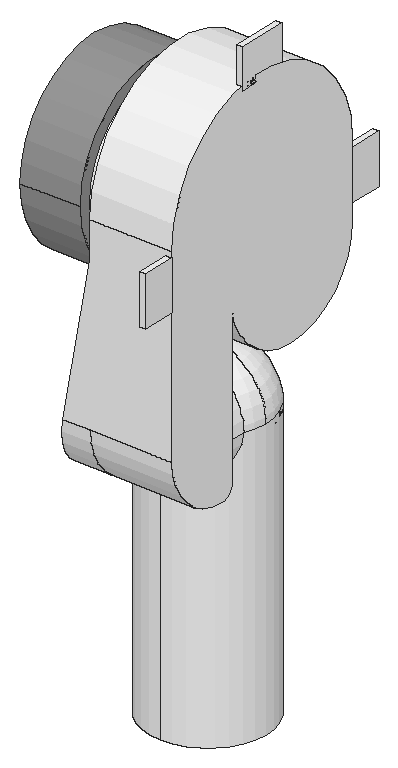
Revit family "HL_Сифон для писсуаров_HL430", category Příslušenství trubek, Revit 2016
Family settings
  Typ součásti = Normální
  Kóta kulaté spojky = Použít průměr
  Číslo OmniClass = 23.70.50.00
  Nadpis OmniClass = Liquid Waste Handling Services
  Založené na pracovní rovině = Ne
  Vždy vertikální = Ano
  Ořezat dutým tvarem při načtení = Ne
  Sdílené = Ne
Parameters (values of type "HL430_50")
  РАЗМЕР = "DN50"
  ПРОПУСКНАЯ СПОСОБНОСТЬ = 0.0 m³/h
  ПРОИЗВОДИТЕЛЬНОСТЬ = "0,7l/s, Spülwasservolumen 1,0l"
  ПРАВОВАЯ ИНФОРМАЦИЯ = "\"Авторские права(©), права на дизайн или какие либо другие права интелектуальной собственности являются исключительной собственностью компании HL Hutterer & Lechner. Изменению не подлежит. Файл семейства с данными о прозводителе изделия защищен паролем с водяным знаком.\""
  НОРМЫ = "DIN1380, DIN19541"
  НОМИНАЛЬНЫЙ ДИАМЕТР = 50 mm
  МАТЕРИАЛ = "PP"
  ВЕС = "0,185 kg"
  x [instance] = if(Угол установки выходной < Угол установки выходной минимум, -10 mm, if(Угол установки выходной > Угол установки выходной максимум, -10 mm, 25.5 mm))  # 25.5 mm
  n = 25 mm
  d [instance] = 118.7 mm
  c [instance] = 118.4 mm
  b = 110.2 mm
  a [instance] = if(Угол установки выходной = 0.00°, d, c)  # 118.4 mm
  Výrobce = "HL Hutterer & Lechner GmbH"
  URL = "http://www.hutterer-lechner.com/ru/products/catalog/roof-drains/HL430/50.aspx"
  Угол установки выходной минимум [instance] = 0.00°
  Угол установки выходной максимум [instance] = 90.00°
  Угол установки выходной [instance] = 90.00°
  Description = "Сифон для писсуаров DN50"
  Model = "HL430/50"
  материал 2 = Plactic - Black
  материал = Plactic - White
  Type Comments = "Сифон для писсуаров DN50"
  Keynote = "HL430/50"
  EAN = "9003076314300"
  Cena = 0
Types (3, lengths in mm): name | РАЗМЕР | НОМИНАЛЬНЫЙ ДИАМЕТР | ВЕС | n | d | c | b | a | URL | Description | Model | Type Comments | Keynote | EAN
  (no name) | "DN50" | 50 | "0,185 kg" | 25 | 118.7 | 118.4 | 110.2 | 118.4 | "http://www.hutterer-lechner.com/ru/products/catalog/roof-drains/HL430/50.aspx" | "Сифон для писсуаров DN50" | "HL430/50" | "Сифон для писсуаров DN50" | "HL430/50" | "9003076314300"
  HL430_40 | "DN40" | 40 | "0,18 kg" | 20 | 121.7 | 120.4 | 104.4 | 120.4 | "http://www.hutterer-lechner.com/ru/products/catalog/roof-drains/HL430/40.aspx" | "Сифон для писсуаров DN40" | "HL430/40" | "Сифон для писсуаров DN40" | "HL430/40" | "9003076304301"
  HL430_50 | "DN50" | 50 | "0,185 kg" | 25 | 118.7 | 118.4 | 110.2 | 118.4 | "http://www.hutterer-lechner.com/ru/products/catalog/roof-drains/HL430/50.aspx" | "Сифон для писсуаров DN50" | "HL430/50" | "Сифон для писсуаров DN50" | "HL430/50" | "9003076314300"
Reference planes
  plane 1 "Střed (vpředu/vzadu)": y = 0
  plane 2: z = 0
  plane 3 "Střed (vlevo/vpravo)": x = 0
  plane 4: x = -26.7
  plane 5: z = -85
  plane 6: x = -73
  plane 7: x = -47.5
  plane 8: x = -35
Forms (mm)
  Revolve 1, solid, material "Plactic - White" <- "материал", detail levels fine
    sketch origin (0, 0, 28.471) x (1, 0, 0) y (0, 0, 1)
      loop
        line (-26.7, -113.471) -> (-26.7, -88.671)
        arc (-26.7, -88.671) -> (-51.7, -113.671) -> (-26.7, -138.671) r 25
        line (-26.7, -138.671) -> (-26.7, -113.471)
      axis (-26.7, -138.671) -> (-26.7, -88.671)
    angle from 0 to 360
  Extrusion 2, solid, material "Plactic - Black" <- "материал 2", detail levels fine
    sketch origin (-73, 0, 1200) x (0, -1, 0) y (0, 0, 1)
      loop
        circle (1.875, -1200) r 40
      loop
        circle (1.875, -1200) r 25
    from 0 to -25.792
  Extrusion 3, solid, material "Plactic - White" <- "материал", detail levels fine
    sketch origin (-47.5, 0, 1200) x (0, -1, 0) y (0, 0, 1)
      loop
        circle (2.5, -1200) r 35
    from 0 to -12.5
  Extrusion 4, solid, material "Plactic - White" <- "материал", detail levels fine
    sketch origin (-35, 0, 1200) x (0, -1, 0) y (0, 0, 1)
      loop
        arc (52.386, -1195.821) -> (4.391, -1147.826) -> (-43.604, -1195.821) r 47.995
        line (-43.604, -1195.821) -> (-43.604, -1226.016)
        arc (-43.604, -1226.016) -> (-14.29, -1258.271) -> (20.613, -1232.165) r 32.403
        line (20.613, -1232.165) -> (20.613, -1298.296)
        arc (20.613, -1298.296) -> (22.011, -1301.671) -> (25.386, -1303.069) r 4.774
        arc (25.386, -1303.069) -> (44.478, -1295.161) -> (52.386, -1276.069) r 27
        line (52.386, -1276.069) -> (52.386, -1195.821)
    from 0 to -35
  Extrusion 5, solid, material "Plactic - White" <- "материал", detail levels fine
    sketch origin (-35, 0, 1200) x (0, -1, 0) y (0, 0, 1)
      loop
        arc (25.386, -1303.069) -> (44.478, -1295.161) -> (52.386, -1276.069) r 27
        line (52.386, -1276.069) -> (52.386, -1211.742) -> (20.613, -1211.742) -> (20.613, -1298.296)
        arc (20.613, -1298.296) -> (22.011, -1301.671) -> (25.386, -1303.069) r 4.774
    from 0 to 17.31
  Extrusion 6, void
    sketch origin (0, 0, 0) x (1, 0, 0) y (0, 0, 1)
      loop
        line (-35, -11.742) -> (-35, -4.919) -> (-55.838, -4.919) -> (-55.838, -129.919) -> (-35, -11.742)
    from 0 to 100
  Extrusion 7, solid, material "Plactic - White" <- "материал", detail levels fine
    sketch origin (0, 0, 0) x (0, 1, 0) y (0, 0, 1)
      loop
        line (-52.386, -19.178) -> (-52.386, 1.822) -> (-66.391, 1.822) -> (-66.391, -19.178) -> (-52.386, -19.178)
      loop
        line (57.609, -19.178) -> (57.609, 1.822) -> (43.604, 1.822) -> (43.604, -19.178) -> (57.609, -19.178)
      loop
        line (6.109, 65.822) -> (-14.891, 65.822) -> (-14.891, 49.182) -> (6.109, 49.182) -> (6.109, 65.822)
    from 0 to -2.5
  Extrusion 8, solid, material "Plactic - White" <- "материал", detail levels fine
    sketch origin (0, 0, 0) x (1, 0, 0) y (0, 0, 1)
      loop
        circle (-26.7, -85) r 23
    from 0 to 20.613
  Sweep 9, solid, material "Plactic - White" <- "материал", detail levels fine
    path origin (-26.7, 0, -85) x (0, 0, -1) y (1, 0, 0)
      loop
        line (0, 0) -> (118.4, 0)
    profile origin (-26.7, 0, -144.2) x (0, -1, 0) y (1, 0, 0)
      loop
        circle (0, 0) r 25
Cuts and joins
  Extrusion 6 cuts Extrusion 4
  Extrusion 6 cuts Extrusion 5
  joined: Extrusion 4, Extrusion 5
Lines and regions (mm)
  reference lines
    curve 1: line (0, 0, 235) -> (0, 0, 0)
    curve 2: line (-26.7, 0, -85) -> (-26.7, 0, -203.4)
    curve 6: line (0, -1.97, 0) -> (-73, -1.97, 0)
  model lines, detail levels coarse+medium
    curve 3: line (-73, 0, 0) -> (-26.7, 0, 0)
    curve 4: line (-26.7, 0, 0) -> (-26.7, 0, -85)
    curve 5: line (-26.7, 0, -85) -> (-26.7, 0, -203.4)
Dimensions and locks
  plane 2 to plane 5 = 85 mm
  locked: plane 4 to plane 3 "Střed (vlevo/vpravo)" at 26.7
  curve 2 to curve 2 = 118.4 mm
  "a": curve 2 to curve 2
  "b": plane 2 to Revolve 1 sketch curve
  plane 8 to plane 3 "Střed (vlevo/vpravo)" = 35 mm
  plane 7 to plane 8 = 12.5 mm
  "x": plane 6 to plane 7
  "a": curve 5 to curve 5
  locked: curve 2 to Sweep 9 sketch curve
  locked: Sweep 9 sketch curve to curve 2 at 0
  "n": radius of Revolve 1 sketch curve
  "НОМИНАЛЬНЫЙ ДИАМЕТР": diameter of Sweep 9 sketch curve
  "Угол установки выходной": angle curve 2 to plane 5
  aligned and locked: level to plane 2
  aligned and locked: plane 5 to curve 2
  aligned and locked: plane 4 to curve 2
  aligned and locked: plane 4 to curve 5
  aligned and locked: plane 5 to curve 5
  aligned and locked: plane 3 "Střed (vlevo/vpravo)" to curve 6
  aligned and locked: plane 6 to curve 6
Automatic sketch dimensions
  Extrusion 2 sketch curve to level = 0 mm  (x2)
  plane 1 "Střed (vpředu/vzadu)" to Extrusion 2 sketch curve = 1.875 mm  (x2)
  Extrusion 3 sketch curve to level = 0 mm
  plane 1 "Střed (vpředu/vzadu)" to Extrusion 3 sketch curve = 2.5 mm
  Extrusion 4 sketch curve to plane 1 "Střed (vpředu/vzadu)" = 43.604 mm
  Extrusion 4 sketch curve to plane 1 "Střed (vpředu/vzadu)" = 11.201 mm
  plane 1 "Střed (vpředu/vzadu)" to Extrusion 4 sketch curve = 4.391 mm
  plane 1 "Střed (vpředu/vzadu)" to Extrusion 4 sketch curve = 20.613 mm
  Extrusion 4 sketch curve to Extrusion 4 sketch curve = 4.774 mm
  plane 5 to Extrusion 4 sketch curve = 13.296 mm
  Extrusion 4 sketch curve to plane 5 = 8.931 mm
  Extrusion 4 sketch curve to level = 32.165 mm
  level to Extrusion 4 sketch curve = 4.179 mm
  plane 1 "Střed (vpředu/vzadu)" to Extrusion 5 sketch curve = 20.613 mm
  Extrusion 5 sketch curve to plane 5 = 8.931 mm
  Extrusion 5 sketch curve to Extrusion 5 sketch curve = 4.774 mm  (x2)
  Extrusion 5 sketch curve to Extrusion 5 sketch curve = 27 mm
  Extrusion 5 sketch curve to level = 11.742 mm
  plane 8 to Extrusion 6 sketch curve = 0 mm
  plane 7 to Extrusion 6 sketch curve = 8.338 mm
  plane 5 to Extrusion 6 sketch curve = 44.919 mm
  Extrusion 6 sketch curve to level = 4.919 mm
  Extrusion 6 sketch curve to Extrusion 6 sketch curve = 6.823 mm
  level to Extrusion 7 sketch curve = 1.822 mm  (x2)
  plane 1 "Střed (vpředu/vzadu)" to Extrusion 7 sketch curve = 66.391 mm
  Extrusion 7 sketch curve to Extrusion 7 sketch curve = 14.005 mm  (x2)
  plane 1 "Střed (vpředu/vzadu)" to Extrusion 7 sketch curve = 14.891 mm
  Extrusion 7 sketch curve to plane 1 "Střed (vpředu/vzadu)" = 6.109 mm
  Extrusion 7 sketch curve to level = 19.178 mm  (x2)
  Extrusion 7 sketch curve to plane 1 "Střed (vpředu/vzadu)" = 43.604 mm
  level to Extrusion 7 sketch curve = 49.182 mm
  Extrusion 7 sketch curve to Extrusion 7 sketch curve = 16.64 mm
  plane 4 to Extrusion 8 sketch curve = 0 mm
  Extrusion 8 sketch curve to plane 5 = 0 mm
  curve 3 to level = 0 mm
  plane 6 to curve 3 = 0 mm
  plane 4 to curve 4 = 0 mm
  curve 4 to plane 5 = 0 mm
  plane 1 "Střed (vpředu/vzadu)" to curve 6 = 1.97 mm
  curve 1 to level = 0 mm
  curve 1 to plane 3 "Střed (vlevo/vpravo)" = 0 mm
  level to curve 1 = 235 mm
  plane 4 to Revolve 1 sketch curve = 0 mm  (x2)
  Revolve 1 sketch curve to plane 5 = 0 mm
  Revolve 1 sketch curve to Revolve 1 sketch curve = 0 mm
  level to Revolve 1 sketch curve = 8.335 mm
  Sweep 9 sketch curve to profile plane = 0 mm
  profile plane to Sweep 9 sketch curve = 0 mm
  radius of Extrusion 2 sketch curve = 40 mm
  radius of Extrusion 2 sketch curve = 25 mm
  radius of Extrusion 3 sketch curve = 35 mm
  radius of Extrusion 8 sketch curve = 23 mm
Connectors
  piping at (-26.7, 0, -203.4), diameter 50, driven by "НОМИНАЛЬНЫЙ ДИАМЕТР", driven by "ПРОПУСКНАЯ СПОСОБНОСТЬ"
    settings: on curve 2, index 1, connector inside diameter 609.6 mm, connector length 0 mm, flow factor 0, pipe flow 0.0 m³/h, pressure drop 0.0 Pa, fitting loss kfactor 0, connector angle 0.00°, fixture units 0, engagement length 0 mm, angle of deflection 0.00°, flow configuration 0, flow direction 2, fitting loss method 4, system type 16, joint type 0, gender type 0, connector reference index -1, connector utility 0, adjustable connector no, is connector primary yes, connector description ""
  piping at (-73, -1.97, 0), diameter 50
    settings: on curve 6, index 2, connector inside diameter 609.6 mm, connector length 0 mm, flow factor 0, pipe flow 0.0 m³/h, pressure drop 0.0 Pa, fitting loss kfactor 0, connector angle 0.00°, fixture units 0, engagement length 0 mm, angle of deflection 0.00°, flow configuration 0, flow direction 0, fitting loss method 0, system type 29, joint type 0, gender type 0, connector reference index -1, connector utility 0, adjustable connector no, is connector primary no, connector description ""
